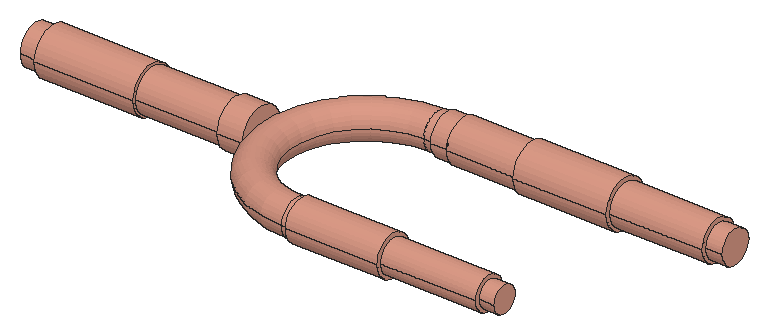
Revit family "outputfile", category 配管付属品, Revit 2024
Family settings
  丸型コネクタ寸法 = 半径を使用
  パーツ タイプ = 標準
  OmniClass 番号 = 23.65.55.00
  OmniClass タイトル = Distribution of Supplied Liquids/Gases
  作業面ベース = いいえ
  常に垂直 = はい
  ロード時にボイドで切り取り = いいえ
  共有 = いいえ
Parameters (values of type "KHRP24B72T")
  Description = ""
  製造元 = "Daikin"
  書き出し IFC クラス(タイプ) = "IfcPipeFittingType"
  定義済み IFC タイプ(タイプ) = "JUNCTION"
  Cost = 0
  Type Comments = ""
  Keynote = ""
  Type Image = (empty or 0)
  Assembly Code = ""
  switch_StraightPipe_Reducer [instance] = if(Is_StraightPipe Reducer = 1, 1 = 1, 1 = 0)  # no
  switch_StraightPipe4 [instance] = if(number_StraightPipe = 4, 1 = 1, 1 = 0)  # yes
  switch_StraightPipe1 [instance] = if(number_StraightPipe < 1, 1 = 0, 1 = 1)  # yes
  switch_Inlet pipe1 [instance] = if(number_InletPipe = 0, 1 = 0, 1 = 1)  # yes
  switch_BranchPipe1 [instance] = if(number_BranchPipe = 0, 1 = 0, 1 = 1)  # yes
  mm⇔inch [instance] = yes
  l_dividePipe2 [instance] = size_lookup(table_Inlet, "L_devidePipe2", 47.7 mm, モデル)  # 50.06 mm
  l_dividePipe0 = 7.54 mm
  l_StraightPipe4 [instance] = size_lookup(table_StraightPipe, "L_Pipe4", 7.7 mm, モデル)  # 7.7 mm
  l_InletPipe00 = 11.47 mm
  l_BranchPipe_Straight2 [instance] = size_lookup(table_BranchPipe, "L_offsetPipe2", 2.0 mm, モデル)  # 2.0 mm
  l_BranchPipe_Straight1 [instance] = size_lookup(table_BranchPipe, "L_offsetPipe1", 2.0 mm, モデル)  # 2.0 mm
  URL = ""
  I.D_StraightPipe4 [instance] = size_lookup(table_StraightPipe, "I.D_PipeSize4", 9.5 mm, モデル)  # 12.7 mm
  +++I.D_InletPipe000 [instance] = I.D_OutletPipe + 2.0 mm  # 15.9 mm
  I.D_InletPipe00 = 19.17 mm
  既定の高さ = 0.0 mm
  モデル = "KHRP24B72T"
  table_StraightPipe [instance] = if(mm⇔inch, "Refnet Joint_KHRP24B-T_HPLPGas_StraightPipe", "Refnet Joint_KHRP24B-T_HPLPGas_StraightPipe_inch")  # "Refnet Joint_KHRP24B-T_HPLPGas_StraightPipe"
  table_BranchPipe [instance] = if(mm⇔inch, "Refnet Joint_KHRP24B-T_HPLPGas_BranchPipe", "Refnet Joint_KHRP24B-T_HPLPGas_BranchPipe_inch")  # "Refnet Joint_KHRP24B-T_HPLPGas_BranchPipe"
  table_Inlet [instance] = if(mm⇔inch, "Refnet Joint_KHRP24B-T_HPLPGas_Inlet", "Refnet Joint_KHRP24B-T_HPLPGas_Inlet_inch")  # "Refnet Joint_KHRP24B-T_HPLPGas_Inlet"
  switch_StraightPipe3 [instance] = if(number_StraightPipe < 3, 1 = 0, 1 = 1)  # yes
  switch_StraightPipe2 [instance] = if(number_StraightPipe < 2, 1 = 0, 1 = 1)  # yes
  switch_BranchPipe_Reducer [instance] = if(Is_BranchPipe Reducer = 1, 1 = 1, 1 = 0)  # no
  switch_BranchPipe3 [instance] = if(number_BranchPipe = 3, 1 = 1, 1 = 0)  # yes
  switch_BranchPipe2 [instance] = if(number_BranchPipe < 2, 1 = 0, 1 = 1)  # yes
  switch_Inlet pipe_Reducer [instance] = if(Is_Inlet Reducer = 1, 1 = 1, 1 = 0)  # no
  switch_Inlet pipe3 [instance] = if(number_InletPipe = 3, 1 = 1, 1 = 0)  # no
  switch_Inlet pipe2 [instance] = if(number_InletPipe < 2, 1 = 0, 1 = 1)  # yes
  Uniclass2015Version = "Products v1.31"
  Uniclass2015Title = "Copper pipe fittings"
  Uniclass2015Code = "Pr_65_52_63_18"
  StraightPipe_HP/LP Gas_ActualDiameter [instance] = 12.7 mm
  Material_Piping = DAIKIN_Copper_Pipe
  Material_Insulation = DAIKIN_White_Insulation
  lw_Insulation [instance] = size_lookup(table_Inlet, "lw_Insulation", 57.0 mm, モデル)  # 54.96 mm
  Unit Type = "KHRP24B-T_HPLPGas"
  Tag No. [instance] = ""
  StraightPipe_HP/LP Gas_Status [instance] = size_lookup(table_StraightPipe, "Information", "The connected pipe size is not available.", モデル, [StraightPipe_HP/LP Gas_ActualDiameter])  # "Default connector size is used."
  Link_Nested Family [instance] = ""
  Inlet_HP/LP Gas_Actual Diameter [instance] = 15.9 mm
  IfcVersion = ""
  IfcExportType = "JUNCTION"
  IfcExportAs = "IfcPipeFittingType"
  BranchPipe_HP/LP Gas_Status [instance] = size_lookup(table_BranchPipe, "Information", "The connected pipe size is not available.", モデル, [BranchPipe_HP/LP Gas_ActualDiameter])  # "Default connector size is used."
  Inlet_HP/LP Gas_Status [instance] = size_lookup(table_Inlet, "Information", "The connected pipe size is not available.", モデル, [Inlet_HP/LP Gas_Actual Diameter])  # "Default connector size is used."
  Series = "Refnet Joint"
  r_StraightPipe_Connector [instance] = [StraightPipe_HP/LP Gas_ActualDiameter] / 2  # 6.35 mm
  r_BranchPipe_Connector [instance] = [BranchPipe_HP/LP Gas_ActualDiameter] / 2  # 4.75 mm
  r_Inlet_Connector [instance] = [Inlet_HP/LP Gas_Actual Diameter] / 2  # 7.95 mm
  number_StraightPipe [instance] = size_lookup(table_StraightPipe, "pipeNumber", 3, モデル, [StraightPipe_HP/LP Gas_ActualDiameter])  # 4
  number_BranchPipe [instance] = size_lookup(table_BranchPipe, "pipeNumber", 2, モデル, [BranchPipe_HP/LP Gas_ActualDiameter])  # 3
  number_InletPipe [instance] = size_lookup(table_Inlet, "pipeNumber", 2, モデル, [Inlet_HP/LP Gas_Actual Diameter])  # 2
  l_BranchPipe connector [instance] = size_lookup(table_BranchPipe, "Length", 51.5 mm, モデル, [BranchPipe_HP/LP Gas_ActualDiameter])  # 91.47 mm
  l_inlet connector [instance] = size_lookup(table_Inlet, "Length", 108.9 mm, モデル, [Inlet_HP/LP Gas_Actual Diameter])  # 101.47 mm
  l_dividePipe1 [instance] = size_lookup(table_Inlet, "L_devidePipe1", 49.1 mm, モデル)  # 51.53 mm
  l_StraightPipeReducer [instance] = size_lookup(table_StraightPipe, "L_Reducer", 2.0 mm, モデル, [StraightPipe_HP/LP Gas_ActualDiameter])  # 2.0 mm
  l_StraightPipe3 [instance] = size_lookup(table_StraightPipe, "L_Pipe3", 7.7 mm, モデル)  # 42.0 mm
  l_StraightPipe2 [instance] = size_lookup(table_StraightPipe, "L_Pipe2", 42.0 mm, モデル)  # 42.0 mm
  l_StraightPipe1 [instance] = size_lookup(table_StraightPipe, "L_Pipe1", 42.0 mm, モデル)  # 30.6 mm
  l_StraightPipe0 [instance] = size_lookup(table_StraightPipe, "L_Pipe0", 47.6 mm, モデル)  # 7.7 mm
  l_StraightPipe connector [instance] = size_lookup(table_StraightPipe, "Length", 147.0 mm, モデル, [StraightPipe_HP/LP Gas_ActualDiameter])  # 130.0 mm
  l_BranchPipe Reducer [instance] = size_lookup(table_BranchPipe, "L_Reducer", 2.0 mm, モデル, [BranchPipe_HP/LP Gas_ActualDiameter])  # 2.0 mm
  l_BranchPipe3 [instance] = size_lookup(table_BranchPipe, "L_Pipe3", 2.0 mm, モデル)  # 7.0 mm
  l_BranchPipe2 [instance] = size_lookup(table_BranchPipe, "L_Pipe2", 6.6 mm, モデル)  # 43.23 mm
  l_BranchPipe1 [instance] = size_lookup(table_BranchPipe, "L_Pipe1", 44.9 mm, モデル)  # 41.24 mm
  l_BranchPipe0 [instance] = size_lookup(table_BranchPipe, "L_Pipe0", 2.0 mm, モデル)  # 2.0 mm
  l_InletReducer [instance] = size_lookup(table_Inlet, "L_Reducer", 2.0 mm, モデル, [Inlet_HP/LP Gas_Actual Diameter])  # 2.0 mm
  l_InletPipe3 [instance] = size_lookup(table_Inlet, "L_Pipe3", 2.0 mm, モデル)  # 2.0 mm
  l_InletPipe2 [instance] = size_lookup(table_Inlet, "L_Pipe2", 7.7 mm, モデル)  # 7.58 mm
  l_InletPipe1 [instance] = size_lookup(table_Inlet, "L_Pipe1", 44.0 mm, モデル)  # 44.52 mm
  l_InletPipe0 [instance] = size_lookup(table_Inlet, "L_Pipe0", 47.3 mm, モデル)  # 37.9 mm
  center_StraightPipe [instance] = size_lookup(table_StraightPipe, "center_Pipe", 40.0 mm, モデル)  # 40.0 mm
  center_BranchPipe [instance] = size_lookup(table_BranchPipe, "center_OffsetPipe", 40.0 mm, モデル)  # 40.0 mm
  StraightPipe_HP/LP Gas_AvailableDiameter [instance] = size_lookup(table_StraightPipe, "sizeVariation", "", モデル)  # "12.7/15.9/19.1mm"
  BranchPipe_HP/LP Gas_AvailableDiameter [instance] = size_lookup(table_BranchPipe, "sizeVariation", "", モデル)  # "9.5/12.7/15.9mm"
  Inlet_HP/LP Gas_Available Diameter [instance] = size_lookup(table_Inlet, "sizeVariation", "", モデル)  # "15.9/19.1mm"
  O.D_StraightPipe Reducer [instance] = size_lookup(table_StraightPipe, "O.D_reducer", 2.0 mm, モデル, [StraightPipe_HP/LP Gas_ActualDiameter])  # 2.0 mm
  O.D_Offset Outlet Reducer [instance] = size_lookup(table_BranchPipe, "O.D_reducer", 2.0 mm, モデル, [BranchPipe_HP/LP Gas_ActualDiameter])  # 2.0 mm
  O.D_Inlet Reducer [instance] = size_lookup(table_Inlet, "O.D_reducer", 2.0 mm, モデル, [Inlet_HP/LP Gas_Actual Diameter])  # 2.0 mm
  Is_StraightPipe Reducer [instance] = size_lookup(table_StraightPipe, "IsReducer", 0, モデル, [StraightPipe_HP/LP Gas_ActualDiameter])  # 0
  Is_BranchPipe Reducer [instance] = size_lookup(table_BranchPipe, "IsReducer", 0, モデル, [BranchPipe_HP/LP Gas_ActualDiameter])  # 0
  Is_Inlet Reducer [instance] = size_lookup(table_Inlet, "IsReducer", 0, モデル, [Inlet_HP/LP Gas_Actual Diameter])  # 0
  BranchPipe_HP/LP Gas_ActualDiameter [instance] = 9.5 mm
  Attach_Insulation [instance] = no
  I.D_StraightPipe3 [instance] = size_lookup(table_StraightPipe, "I.D_PipeSize3", 9.5 mm, モデル)  # 15.9 mm
  I.D_StraightPipe2 [instance] = size_lookup(table_StraightPipe, "I.D_PipeSize2", 12.7 mm, モデル)  # 19.1 mm
  I.D_StraightPipe1 [instance] = size_lookup(table_StraightPipe, "I.D_PipeSize1", 15.9 mm, モデル)  # 17.1 mm
  I.D_StraightPipe0 [instance] = size_lookup(table_StraightPipe, "I.D_PipeSize0", 13.9 mm, モデル)  # 15.9 mm
  I.D_BranchPipe3 [instance] = size_lookup(table_BranchPipe, "I.D_PipeSize3", 2.0 mm, モデル)  # 9.5 mm
  I.D_BranchPipe2 [instance] = size_lookup(table_BranchPipe, "I.D_PipeSize2", 9.5 mm, モデル)  # 12.7 mm
  I.D_BranchPipe1 [instance] = size_lookup(table_BranchPipe, "I.D_PipeSize1", 12.7 mm, モデル)  # 15.9 mm
  I.D_BranchPipe0 [instance] = size_lookup(table_BranchPipe, "I.D_PipeSize0", 2.0 mm, モデル)  # 2.0 mm
  I.D_Straight Reducer [instance] = size_lookup(table_StraightPipe, "I.D_reducer", 2.0 mm, モデル, [StraightPipe_HP/LP Gas_ActualDiameter])  # 2.0 mm
  I.D_OutletPipe [instance] = size_lookup(table_Inlet, "I.D_OutletPipeSize", 10.7 mm, モデル, [Inlet_HP/LP Gas_Actual Diameter])  # 13.9 mm
  I.D_Branch Reducer [instance] = size_lookup(table_BranchPipe, "I.D_reducer", 2.0 mm, モデル, [BranchPipe_HP/LP Gas_ActualDiameter])  # 2.0 mm
  I.D_Inlet Reducer [instance] = size_lookup(table_Inlet, "I.D_reducer", 2.0 mm, モデル, [Inlet_HP/LP Gas_Actual Diameter])  # 2.0 mm
  I.D_InletPipe3 [instance] = size_lookup(table_Inlet, "I.D_PipeSize3", 2.0 mm, モデル)  # 2.0 mm
  I.D_InletPipe2 [instance] = size_lookup(table_Inlet, "I.D_PipeSize2", 12.7 mm, モデル)  # 15.9 mm
  I.D_InletPipe1 [instance] = size_lookup(table_Inlet, "I.D_PipeSize1", 15.9 mm, モデル)  # 19.1 mm
  I.D_InletPipe0 [instance] = size_lookup(table_Inlet, "I.D_PipeSize0", 13.9 mm, モデル)  # 17.05 mm
Reference planes
  plane 1 "Center (Front/Back)": y = 0
  plane 2: z = 0
  plane 3 "base_left": x = 0
  plane 4: x = 7.58
  plane 5: x = 52.1
  plane 6: x = 90
  plane 7: x = 101.47
  plane 8 "l_dividePipe1": x = 153
  plane 9: x = 160.7
  plane 10 "center_straight outlet": y = 40
  plane 11 "center2_offset outlet": y = -40
  plane 12: x = 191.3
  plane 13: x = 233.3
  plane 14: x = 275.3
  plane 15: x = 192.77
  plane 16: x = 236
  plane 17: x = 283
  plane 18: x = 243
  plane 19 "Reducer_straightoutlet": x = 243
  plane 20 "connector": x = 283
  plane 21 "Inlet_connector": x = 0
  plane 22 "Left_Insulation": x = 46.51
  plane 23: x = 109.01
  plane 24 "l_dividePipe2": x = 151.53
  plane 25: x = 149.01
Forms (mm)
  Sweep 1, solid, material "DAIKIN_Copper_Pipe" <- "Material_Piping"
    path origin (0, 0, 0) x (1, 0, 0) y (0, 1, 0)
      loop
        line (151.53, -40) -> (149.01, -40)
        arc (149.01, -40) -> (109.01, 0) -> (149.01, 40) r 40
        line (149.01, 40) -> (153, 40)
    profile origin (151.005, 40, 0) x (0, 1, 0) y (0, 0, 1)
      loop
        circle (0, 0) r 7.95
Dimensions and locks
  "l_InletPipe2": plane 3 "base_left" to plane 4
  "l_InletPipe1": plane 4 to plane 5
  "l_InletPipe0": plane 5 to plane 6
  "l_InletPipe00": plane 6 to plane 7
  "center_StraightPipe": plane 1 "Center (Front/Back)" to plane 10 "center_straight outlet"
  "center_BranchPipe": plane 11 "center2_offset outlet" to plane 1 "Center (Front/Back)"
  "l_dividePipe1": plane 7 to plane 8 "l_dividePipe1"
  "l_StraightPipe0": plane 8 "l_dividePipe1" to plane 9
  "l_StraightPipe1": plane 9 to plane 12
  "l_BranchPipe2": plane 15 to plane 16
  "l_StraightPipe3": plane 13 to plane 14
  "l_StraightPipe4": plane 14 to plane 17
  "l_BranchPipe3": plane 16 to plane 18
  "l_BranchPipe connector": plane 24 "l_dividePipe2" to plane 19 "Reducer_straightoutlet"
  "l_StraightPipe connector": plane 8 "l_dividePipe1" to plane 20 "connector"
  "l_inlet connector": plane 21 "Inlet_connector" to plane 7
  "lw_Insulation": plane 22 "Left_Insulation" to plane 7
  "l_dividePipe0": plane 7 to plane 23
  "l_dividePipe2": plane 7 to plane 24 "l_dividePipe2"
  "l_BranchPipe1": plane 24 "l_dividePipe2" to plane 15
  "center_StraightPipe": plane 23 to plane 25
  "l_StraightPipe2": plane 12 to plane 13
  "center_StraightPipe": radius of Sweep 1 sketch curve
  "+++I.D_InletPipe000": diameter of Sweep 1 sketch curve
  aligned and locked: level to plane 2
  aligned and locked: plane 7 to nested 1
  aligned and locked: plane 1 "Center (Front/Back)" to nested 1
  aligned and locked: plane 10 "center_straight outlet" to nested 2
  aligned and locked: nested 2 to plane 8 "l_dividePipe1"
  aligned and locked: plane 11 "center2_offset outlet" to nested 3
  aligned and locked: nested 4 to plane 1 "Center (Front/Back)"
  aligned and locked: nested 5 to plane 11 "center2_offset outlet"
  aligned and locked: plane 20 "connector" to nested 6
  aligned and locked: nested 6 to plane 10 "center_straight outlet"
  aligned and locked: nested 4 to plane 21 "Inlet_connector"
  aligned and locked: plane 19 "Reducer_straightoutlet" to nested 5
  aligned and locked: plane 1 "Center (Front/Back)" to nested 7
  aligned and locked: plane 22 "Left_Insulation" to nested 7
  aligned and locked: plane 1 "Center (Front/Back)" to Sweep 1 sketch curve
  aligned and locked: plane 8 "l_dividePipe1" to Sweep 1 sketch curve
  aligned and locked: plane 25 to Sweep 1 sketch curve
  aligned and locked: plane 24 "l_dividePipe2" to nested 3
  aligned and locked: plane 24 "l_dividePipe2" to Sweep 1 sketch curve
  aligned and locked: nested 9 to plane 7
  aligned and locked: plane 1 "Center (Front/Back)" to nested 9
  aligned and locked: nested 9 to plane 6
  aligned and locked: plane 2 to nested 9
  aligned and locked: plane 1 "Center (Front/Back)" to nested 11
  aligned and locked: plane 5 to nested 11
  aligned and locked: nested 11 to plane 6
  aligned and locked: plane 1 "Center (Front/Back)" to nested 12
  aligned and locked: plane 5 to nested 12
  aligned and locked: plane 4 to nested 12
  aligned and locked: plane 1 "Center (Front/Back)" to nested 13
  aligned and locked: plane 4 to nested 13
  aligned and locked: plane 3 "base_left" to nested 13
  aligned and locked: plane 24 "l_dividePipe2" to nested 10
  aligned and locked: plane 15 to nested 10
  aligned and locked: nested 10 to plane 11 "center2_offset outlet"
  aligned and locked: nested 14 to plane 11 "center2_offset outlet"
  aligned and locked: plane 15 to nested 14
  aligned and locked: plane 16 to nested 14
  aligned and locked: nested 15 to plane 11 "center2_offset outlet"
  aligned and locked: plane 16 to nested 15
  aligned and locked: plane 18 to nested 15
  aligned and locked: nested 8 to plane 8 "l_dividePipe1"
  aligned and locked: nested 8 to plane 9
  aligned and locked: nested 8 to plane 10 "center_straight outlet"
  aligned and locked: nested 16 to plane 9
  aligned and locked: plane 12 to nested 16
  aligned and locked: nested 17 to plane 10 "center_straight outlet"
  aligned and locked: plane 12 to nested 17
  aligned and locked: plane 13 to nested 17
  aligned and locked: nested 16 to plane 10 "center_straight outlet"
  aligned and locked: plane 13 to nested 18
  aligned and locked: nested 18 to plane 10 "center_straight outlet"
  aligned and locked: plane 14 to nested 18
  aligned and locked: nested 19 to plane 10 "center_straight outlet"
  aligned and locked: plane 14 to nested 19
  aligned and locked: plane 17 to nested 19
Automatic sketch dimensions
  Sweep 1 sketch curve to level = 0.0 mm
  Sweep 1 sketch curve to profile plane = 0.0 mm
Nested families
  nested 1: "daikin_connector_rotate2" at (101.47, 0, 0) x (0, -1, 0) z (0, 0, 1), length <- "l_inlet connector", type "daikin_connector_rotate2"
    with radius 5.0 mm, length 101.47 mm, angle_vertical 90.00°, show_face no, locaton_mark no
  nested 2: "daikin_connector_rotate2" at (153, 40, 0) x (0, 1, 0) z (0, 0, 1), length <- "l_StraightPipe connector", type "daikin_connector_rotate2"
    with radius 5.0 mm, length 130.0 mm, angle_vertical 90.00°, show_face no, locaton_mark no
  nested 3: "daikin_connector_rotate2" at (151.53, -40, 0) x (0, 1, 0) z (0, 0, 1), length <- "l_BranchPipe connector", type "daikin_connector_rotate2"
    with radius 5.0 mm, length 91.47 mm, angle_vertical 90.00°, show_face no, locaton_mark no
  nested 4: "daikin_Pipe_reducer" at (1, 0, 0) x (-1, 0, 0) z (0, 0, 1), display <- "switch_Inlet pipe_Reducer", length_Pipe <- "l_InletReducer", I.D_Pipe1 <- "I.D_Inlet Reducer", O.D_Pipe2 <- "O.D_Inlet Reducer", type "*"
    with length_Pipe 2.0 mm, display no, O.D_Pipe2 2.0 mm, O.D_Pipe1 4.0 mm, I.D_Pipe2 0.0 mm, I.D_Pipe1 2.0 mm
  nested 5: "daikin_Pipe_reducer" at (242, -40, 0), I.D_Pipe1 <- "I.D_Branch Reducer", O.D_Pipe2 <- "O.D_Offset Outlet Reducer", length_Pipe <- "l_BranchPipe Reducer", display <- "switch_BranchPipe_Reducer", type "*"
    with length_Pipe 2.0 mm, display no, O.D_Pipe2 2.0 mm, O.D_Pipe1 4.0 mm, I.D_Pipe2 0.0 mm, I.D_Pipe1 2.0 mm
  nested 6: "daikin_Pipe_reducer" at (282, 40, 0), I.D_Pipe1 <- "I.D_Straight Reducer", O.D_Pipe2 <- "O.D_StraightPipe Reducer", length_Pipe <- "l_StraightPipeReducer", display <- "switch_StraightPipe_Reducer", type "*"
    with length_Pipe 2.0 mm, display no, O.D_Pipe2 2.0 mm, O.D_Pipe1 4.0 mm, I.D_Pipe2 0.0 mm, I.D_Pipe1 2.0 mm
  nested 7: "daikin_Insulation_RefnetJoint" at (46.51, 0, 0), I.D_Outlet PipeSize <- "I.D_OutletPipe", type "*"
    with h 45.9 mm, I.D_Outlet PipeSize 13.9 mm, w_Insulation2 77.0 mm, w_Insulation1 38.0 mm, r_Insulation 72.0 mm, display no, d_Insulation3 16.0 mm, d_Insulation2 64.0 mm, d_Insulation1 144.0 mm
  nested 8: "daikin_Pipe" at (156.85, 40, 0), I.D_Pipe <- "I.D_StraightPipe0", type "*"
    with length_Pipe 7.7 mm, display yes, O.D_Pipe 17.9 mm, I.D_Pipe 15.9 mm
  nested 9: "daikin_Pipe" at (95.735, 0, 0), I.D_Pipe <- "I.D_InletPipe00", type "*"
    with length_Pipe 11.47 mm, display yes, O.D_Pipe 21.17 mm, I.D_Pipe 19.17 mm
  nested 10: "daikin_Pipe" at (172.15, -40, 0), I.D_Pipe <- "I.D_BranchPipe1", display <- "switch_BranchPipe1", type "*"
    with length_Pipe 41.24 mm, display yes, O.D_Pipe 17.9 mm, I.D_Pipe 15.9 mm
  nested 11: "daikin_Pipe" at (71.05, 0, 0), I.D_Pipe <- "I.D_InletPipe0", type "*"
    with length_Pipe 37.9 mm, display yes, O.D_Pipe 19.05 mm, I.D_Pipe 17.05 mm
  nested 12: "daikin_Pipe" at (29.84, 0, 0), I.D_Pipe <- "I.D_InletPipe1", display <- "switch_Inlet pipe1", type "*"
    with length_Pipe 44.52 mm, display yes, O.D_Pipe 21.1 mm, I.D_Pipe 19.1 mm
  nested 13: "daikin_Pipe" at (3.79, 0, 0), I.D_Pipe <- "I.D_InletPipe2", display <- "switch_Inlet pipe2", type "*"
    with length_Pipe 7.58 mm, display yes, O.D_Pipe 17.9 mm, I.D_Pipe 15.9 mm
  nested 14: "daikin_Pipe" at (214.385, -40, 0), I.D_Pipe <- "I.D_BranchPipe2", display <- "switch_BranchPipe2", type "*"
    with length_Pipe 43.23 mm, display yes, O.D_Pipe 14.7 mm, I.D_Pipe 12.7 mm
  nested 15: "daikin_Pipe" at (239.5, -40, 0), I.D_Pipe <- "I.D_BranchPipe3", display <- "switch_BranchPipe3", type "*"
    with length_Pipe 7.0 mm, display yes, O.D_Pipe 11.5 mm, I.D_Pipe 9.5 mm
  nested 16: "daikin_Pipe" at (176, 40, 0), I.D_Pipe <- "I.D_StraightPipe1", display <- "switch_StraightPipe1", type "*"
    with length_Pipe 30.6 mm, display yes, O.D_Pipe 19.1 mm, I.D_Pipe 17.1 mm
  nested 17: "daikin_Pipe" at (212.3, 40, 0), I.D_Pipe <- "I.D_StraightPipe2", display <- "switch_StraightPipe2", type "*"
    with length_Pipe 42.0 mm, display yes, O.D_Pipe 21.1 mm, I.D_Pipe 19.1 mm
  nested 18: "daikin_Pipe" at (254.3, 40, 0), I.D_Pipe <- "I.D_StraightPipe3", display <- "switch_StraightPipe3", type "*"
    with length_Pipe 42.0 mm, display yes, O.D_Pipe 17.9 mm, I.D_Pipe 15.9 mm
  nested 19: "daikin_Pipe" at (279.15, 40, 0), I.D_Pipe <- "I.D_StraightPipe4", display <- "switch_StraightPipe4", type "*"
    with length_Pipe 7.7 mm, display yes, O.D_Pipe 14.7 mm, I.D_Pipe 12.7 mm
Connectors
  piping at (0, 0, 0), diameter 15.9, driven by "r_Inlet_Connector"
    settings: on nested 1, index 1, connector inside diameter 609.6 mm, connector length 0.0 mm, flow factor 0, pipe flow 0.00 m³/h, pressure drop 0.0 Pa, fitting loss kfactor 0, connector angle 0.00°, fixture units 0, engagement length 0.0 mm, angle of deflection 0.00°, flow configuration 0, flow direction 0, fitting loss method 0, system type 29, joint type 0, gender type 0, connector reference index -1, connector utility 0, adjustable connector no, is connector primary yes, connector description "Refnet Joint_Inlet_HP/LP Gas"
  piping at (243, -40, 0), diameter 9.5, driven by "r_BranchPipe_Connector"
    settings: on nested 3, index 2, connector inside diameter 609.6 mm, connector length 0.0 mm, flow factor 0, pipe flow 0.00 m³/h, pressure drop 0.0 Pa, fitting loss kfactor 0, connector angle 0.00°, fixture units 0, engagement length 0.0 mm, angle of deflection 0.00°, flow configuration 0, flow direction 0, fitting loss method 0, system type 29, joint type 0, gender type 0, connector reference index -1, connector utility 0, adjustable connector no, is connector primary no, connector description "Refnet Joint_Outlet Branch_HP/LP Gas"
  piping at (283, 40, 0), diameter 12.7, driven by "r_StraightPipe_Connector"
    settings: on nested 2, index 3, connector inside diameter 609.6 mm, connector length 0.0 mm, flow factor 0, pipe flow 0.00 m³/h, pressure drop 0.0 Pa, fitting loss kfactor 0, connector angle 0.00°, fixture units 0, engagement length 0.0 mm, angle of deflection 0.00°, flow configuration 0, flow direction 0, fitting loss method 0, system type 29, joint type 0, gender type 0, connector reference index -1, connector utility 0, adjustable connector no, is connector primary no, connector description "Refnet Joint_Outlet Straight_HP/LP Gas"
Definition of nested family "daikin_Pipe"
  Parameters (values of type "*")
    Default Elevation = 0.0 mm
    material = none
    length_Pipe [instance] = 150.0 mm
    display [instance] = yes
    O.D_Pipe [instance] = I.D_Pipe + 2.0 mm  # 27.0 mm
    I.D_Pipe [instance] = 25.0 mm
  Reference planes
    plane 1 "Center (Front/Back)": y = 0
    plane 2 "center(vertical)": z = 0
    plane 3 "Center (Left/Right)": x = 0
    plane 4 "left": x = -75
    plane 5 "right": x = 75
  Forms (mm)
    Extrusion 1, solid, material <- "material", visible <- "display"
      sketch origin (0, 0, 0) x (0, 1, 0) y (0, 0, 1)
        loop
          circle (0, 0) r 13.5
      from -75 to 75
  Dimensions and locks
    equal spacing: plane 4 "left", plane 3 "Center (Left/Right)", plane 5 "right"
    "length_Pipe": plane 4 "left" to plane 5 "right"
    "O.D_Pipe": diameter of Extrusion 1 sketch curve
    aligned and locked: level to plane 2 "center(vertical)"
    aligned and locked: plane 2 "center(vertical)" to Extrusion 1 sketch curve
    aligned and locked: plane 1 "Center (Front/Back)" to Extrusion 1 sketch curve
    aligned and locked: plane 5 "right" to Extrusion 1
    aligned and locked: Extrusion 1 to plane 4 "left"
Definition of nested family "daikin_connector_rotate2"
  Parameters (values of type "daikin_connector_rotate2")
    show_face = yes
    radius [instance] = 10.0 mm
    locaton_mark = yes
    length [instance] = 600.0 mm
    d_surface = 10.0 mm
    angle_vertical [instance] = 90.00°
    Default Elevation = 0.0 mm
  Reference planes
    plane 1 "Center (Front/Back)": y = 0
    plane 2: z = 0
    plane 3 "Center (Left/Right)": x = 0
  Forms (mm)
    Extrusion 1, solid, visible <- "show_face"
      sketch origin (0, -600, 0) x (1, 0, 0) y (0, 0, 1)
        loop
          circle (0, 0) r 10
      from 0 to -10
  Lines and regions (mm)
    reference lines
      curve 1: line (0, 0, 0) -> (0, -600, 0)
    symbolic lines, visible <- "locaton_mark"
      curve 2: circle (0, 0, 0) r 5 normal (0, 0, 1)
    model lines, visible <- "show_face"
      curve 3: line (0, 0, 0) -> (0, -600, 0)
  Dimensions and locks
    "length": curve 1 to curve 1
    "length": curve 3 to curve 3
    "d_surface": Extrusion 1 to Extrusion 1
    "radius": radius of Extrusion 1 sketch curve
    "angle_vertical": angle curve 1 to plane 1 "Center (Front/Back)"
    "angle_vertical": angle curve 3 to plane 1 "Center (Front/Back)"
    aligned and locked: level to plane 2
    aligned and locked: plane 1 "Center (Front/Back)" to curve 1
    aligned and locked: plane 2 to curve 1
    aligned and locked: plane 1 "Center (Front/Back)" to curve 2
    aligned and locked: plane 3 "Center (Left/Right)" to curve 2
    aligned and locked: plane 1 "Center (Front/Back)" to curve 3
    aligned and locked: plane 2 to curve 3
    aligned and locked: Extrusion 1 to Extrusion 1
  Automatic sketch dimensions
    Extrusion 1 sketch curve to level = 0.0 mm
    Extrusion 1 sketch curve to plane 3 "Center (Left/Right)" = 0.0 mm
    radius of curve 2 = 5.0 mm
Definition of nested family "daikin_Pipe_reducer"
  Parameters (values of type "*")
    Default Elevation = 0.0 mm
    material = none
    length_Pipe [instance] = 250.0 mm
    display [instance] = yes
    O.D_Pipe2 [instance] = 19.1 mm
    O.D_Pipe1 [instance] = I.D_Pipe1 + 2.0 mm  # 24.2 mm
    I.D_Pipe2 [instance] = O.D_Pipe2 - 2.0 mm  # 17.1 mm
    I.D_Pipe1 [instance] = 22.2 mm
  Reference planes
    plane 1 "Center (Front/Back)": y = 0
    plane 2 "center(vertical)": z = 0
    plane 3 "Center (Left/Right)": x = 0
    plane 4 "connection": x = -125
    plane 5 "right": x = 113
    plane 6: x = 125
  Forms (mm)
    Extrusion 1, solid, material <- "material", visible <- "display"
      sketch origin (0, 0, 0) x (0, 1, 0) y (0, 0, 1)
        loop
          circle (0, 0) r 9.55
      from -125 to 113
    Extrusion 2, solid, material <- "material", visible <- "display"
      sketch origin (0, 0, 0) x (0, 1, 0) y (0, 0, 1)
        loop
          circle (0, 0) r 12.1
      from 113 to 125
  Dimensions and locks
    locked: plane 5 "right" to plane 6 at 12
    "length_Pipe": plane 4 "connection" to plane 6
    equal spacing: plane 4 "connection", plane 3 "Center (Left/Right)", plane 6
    "O.D_Pipe2": diameter of Extrusion 1 sketch curve
    "O.D_Pipe1": diameter of Extrusion 2 sketch curve
    aligned and locked: level to plane 2 "center(vertical)"
    aligned and locked: plane 2 "center(vertical)" to Extrusion 1 sketch curve
    aligned and locked: plane 1 "Center (Front/Back)" to Extrusion 1 sketch curve
    aligned and locked: plane 5 "right" to Extrusion 1
    aligned and locked: Extrusion 1 to plane 4 "connection"
    aligned and locked: plane 2 "center(vertical)" to Extrusion 2 sketch curve
    aligned and locked: plane 1 "Center (Front/Back)" to Extrusion 2 sketch curve
    aligned and locked: Extrusion 2 to plane 5 "right"
    aligned and locked: plane 6 to Extrusion 2
Definition of nested family "daikin_Insulation_RefnetJoint"
  Parameters (values of type "*")
    Default Elevation = 0.0 mm
    Model = "KHRP24B22T"
    w_Insulation3 = size_lookup(table_Insulation, "w_Insulation3", 16.0 mm, Model)  # 35.0 mm
    w_Insulation2 = size_lookup(table_Insulation, "w_Insulation2", 77.0 mm, Model)  # 75.11 mm
    w_Insulation1 = size_lookup(table_Insulation, "w_Insulation1", 28.0 mm, Model)  # 39.89 mm
    table_Insulation = "Refnet Joint_KHRP24B-T_HPLPGas_Insulation"  # constant formula
    r_Insulation = d_Insulation1 / 2  # 69.0 mm
    material = none
    h [instance] = (I.D_Outlet PipeSize + 2.0 mm) + 30.0 mm  # 47.0 mm
    display = yes
    d_Insulation3 = size_lookup(table_Insulation, "d_Insulation3", 16.0 mm, Model)  # 22.0 mm
    d_Insulation2 = size_lookup(table_Insulation, "d_Insulation2", 64.0 mm, Model)  # 58.0 mm
    d_Insulation1 = size_lookup(table_Insulation, "d_Insulation1", 144.0 mm, Model)  # 138.0 mm
    I.D_Outlet PipeSize [instance] = 15.0 mm
  Reference planes
    plane 1 "Center (Front/Back)": y = 0
    plane 2: z = 0
    plane 3 "Left": x = 0
    plane 4 "top": z = 23.5
    plane 5 "bottom": z = -23.5
    plane 6: x = 39.89
    plane 7: y = 29
    plane 8: y = -29
    plane 9: y = 69
    plane 10: y = -69
    plane 11: x = 115
    plane 12: x = 150
    plane 13: y = 11
    plane 14: y = -11
  Forms (mm)
    Extrusion 1, solid, material <- "material", visible <- "display"
      sketch origin (-2, 0, 0) x (1, 0, 0) y (0, 1, 0)
        loop
          arc (104.5, 69) -> (67.352, 58.146) -> (41.89, 29) r 69
          line (41.89, 29) -> (2, 29) -> (2, -29) -> (41.89, -29)
          arc (41.89, -29) -> (67.352, -58.146) -> (104.5, -69) r 69
          line (104.5, -69) -> (152, -69) -> (152, -11) -> (117, -11) -> (117, 11) -> (152, 11) -> (152, 69) -> (104.5, 69)
      from -23.5 to 23.5
  Dimensions and locks
    equal spacing: plane 4 "top", plane 2, plane 5 "bottom"
    "h": plane 4 "top" to plane 5 "bottom"
    "d_Insulation2": plane 7 to plane 8
    "d_Insulation1": plane 9 to plane 10
    "w_Insulation2": plane 6 to plane 11
    "w_Insulation3": plane 11 to plane 12
    "d_Insulation3": plane 13 to plane 14
    "w_Insulation1": plane 3 "Left" to plane 6
    equal spacing: plane 9, plane 1 "Center (Front/Back)", plane 10
    equal spacing: plane 7, plane 1 "Center (Front/Back)", plane 8
    equal spacing: plane 13, plane 1 "Center (Front/Back)", plane 14
    "r_Insulation": radius of Extrusion 1 sketch curve  (x2)
    aligned and locked: level to plane 2
    aligned and locked: Extrusion 1 to plane 5 "bottom"
    aligned and locked: plane 4 "top" to Extrusion 1
    aligned and locked: Extrusion 1 sketch curve to plane 10
    aligned and locked: Extrusion 1 sketch curve to plane 9
    aligned and locked: plane 7 to Extrusion 1 sketch curve
    aligned and locked: plane 8 to Extrusion 1 sketch curve
    aligned and locked: Extrusion 1 sketch curve to plane 12  (x2)
    aligned and locked: plane 13 to Extrusion 1 sketch curve
    aligned and locked: Extrusion 1 sketch curve to plane 14
    aligned and locked: Extrusion 1 sketch curve to plane 11
    aligned and locked: Extrusion 1 to plane 3 "Left"
    aligned and locked: plane 6 to Extrusion 1 sketch curve  (x2)
  Automatic sketch dimensions
    Extrusion 1 sketch curve to plane 3 "Left" = 0.0 mm
